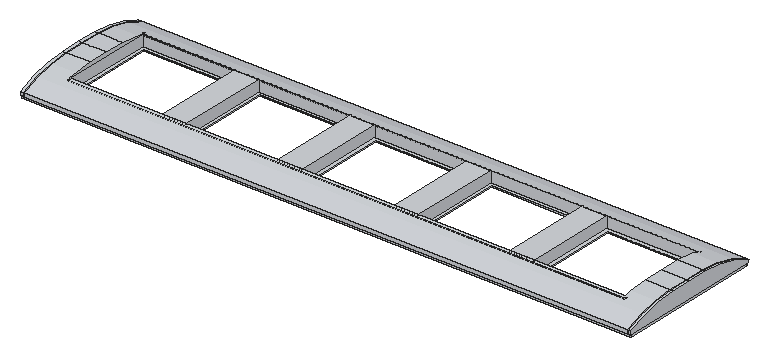
Revit family "Gira_021536", category Electrical Fixtures, host Face, Revit 2017
Family settings
  Host = Face
  Maintain Annotation Orientation = No
  Round Connector Dimension = Use Diameter
  Part Type = Normal
  Cut with Voids When Loaded = No
  Shared = No
  Room Calculation Point = No
Parameters (values of type "Abdeckrahmen 5f Zwischenr. F Alu Gira Event F Alu")
  Werkstoffgüte = "Thermoplast"
  Werkstoff = "Kunststoff"
  URL = "http://katalog.gira.de/de_DE/datenblatt.html?artikelnr=021536"
  Transparent = "No"
  Textfeld/Beschriftungsfläche = "No"
  Schutzart (IP) = "IP20"
  Region = "DE"
  Oberfläche = "sonstige"
  Name = "Abdeckrahmen 5f Zwischenr. F Alu Gira Event F Alu"
  Montagerichtung = "horizontal und vertikal"
  Mit Montagerahmen = "No"
  Mit Klappdeckel = "No"
  Manufacturer URL = "https://www.gira.de/"
  Keynote = "Event_Rahmen_5fach"
  HeinzeBIM = "https://bimportal.heinze.de/bim/abdeckrahmen-5f-zwischenr-f-alu-gira-event-f-alu/32ceb437bf78b999fdac2b5d43f27862d43426eb"
  Halogenfrei = "Yes"
  HAN = "021536"
  Geeignet für Unterputz-Installation = "Yes"
  Geeignet für Unterflurkanaldose = "No"
  Geeignet für Geräteeinbaukanal = "No"
  Geeignet für Einbauinstallation = "No"
  GTIN = "4010337215363"
  Farbe = "aluminium"
  Default Elevation = 1219.2 mm
  Data sheet (1) = "https://katalog.gira.de/de_DE/download.html?artikelnr=021536"
  Category = "Abdeckrahmen"
  Befestigungsart = "Klemmbefestigung"
  Available = "Yes"
  Anzahl der Einheiten vertikal = "5 "
  Anzahl der Einheiten horizontal = "5 "
  Anzahl der Einheiten = "5 "
Reference planes
  plane 1 "Center (Front/Back)": y = 0
  plane 2: z = 0
  plane 3 "Center (Left/Right)": x = 0
Forms (mm)
  Extrusion 1, solid, detail levels fine
    sketch origin (0, 0, 0.05) x (0, 1, 0) y (0, 0, 1)
      loop
        arc (12.445, 9.683) -> (6.223, 9.833) -> (0, 9.85) r 291.636
        arc (0, 9.85) -> (-6.223, 9.833) -> (-12.445, 9.683) r 291.636
        arc (-12.445, 9.683) -> (-29.14, 7.482) -> (-45, 1.823) r 79.728
        line (-45, 1.823) -> (-45, -0.05) -> (-42.086, -0.05)
        arc (-42.086, -0.05) -> (-21.385, 5.559) -> (0, 7.206) r 114.424
        arc (0, 7.206) -> (21.385, 5.559) -> (42.086, -0.05) r 114.424
        line (42.086, -0.05) -> (45, -0.05) -> (45, 1.823)
        arc (45, 1.823) -> (29.14, 7.482) -> (12.445, 9.683) r 79.728
    from -185.578 to 185.593
  Extrusion 2, void, detail levels fine
    sketch origin (0, 0, 0) x (1, 0, 0) y (0, 1, 0)
      loop
        line (170.607, 28) -> (-170.593, 28) -> (-170.593, -28) -> (170.607, -28) -> (170.607, 28)
    from 0.724 to 11
  Extrusion 3, solid, detail levels coarse
    sketch origin (0, 0, 0) x (1, 0, 0) y (0, 1, 0)
      loop
        line (-187.578, 45) -> (-187.578, -45) -> (187.593, -45) -> (187.593, 45) -> (-187.578, 45)
    from -1.5 to 9.9
  Extrusion 4, solid, detail levels medium
    sketch origin (0, 0, 0.05) x (0, 1, 0) y (0, 0, 1)
      loop
        arc (12.445, 9.683) -> (6.223, 9.833) -> (0, 9.85) r 291.636
        arc (0, 9.85) -> (-6.223, 9.833) -> (-12.445, 9.683) r 291.636
        arc (-12.445, 9.683) -> (-29.14, 7.482) -> (-45, 1.823) r 79.728
        line (-45, 1.823) -> (-45, -0.05) -> (45, -0.05) -> (45, 1.823)
        arc (45, 1.823) -> (29.14, 7.482) -> (12.445, 9.683) r 79.728
    from -187.578 to 187.593
  Extrusion 5, solid, detail levels fine
    sketch origin (-142.578, 0, -1.5) x (0, 1, 0) y (0, 0, -1)
      loop
        line (45, -3.373) -> (45, -1.5) -> (-45, -1.5) -> (-45, -3.373)
        arc (-45, -3.373) -> (-29.14, -9.032) -> (-12.445, -11.233) r 79.728
        arc (-12.445, -11.233) -> (-6.223, -11.383) -> (0, -11.4) r 291.636
        arc (0, -11.4) -> (6.223, -11.383) -> (12.445, -11.233) r 291.636
        arc (12.445, -11.233) -> (29.14, -9.032) -> (45, -3.373) r 79.728
    from 43 to 45
  Extrusion 6, solid, detail levels fine
    sketch origin (0, 0, 0) x (1, 0, 0) y (0, 1, 0)
      loop
        line (-168.493, 25.7) -> (-168.493, -25.7) -> (-116.693, -25.7) -> (-116.693, 25.7) -> (-168.493, 25.7)
      loop
        line (-45.398, -25.7) -> (-45.398, 25.7) -> (-97.198, 25.7) -> (-97.198, -25.7) -> (-45.398, -25.7)
      loop
        line (-171.487, 28.49) -> (-171.487, -28.495)
        spline (-171.487, -28.495) -> (-171.479, -28.625) -> (-171.453, -28.754) -> (-171.411, -28.878) -> (-171.353, -28.995) -> (-171.281, -29.104) -> (-171.194, -29.202) -> (-171.096, -29.288) -> (-170.987, -29.361) -> (-170.87, -29.419) -> (-170.746, -29.461) -> (-170.618, -29.486) -> (-170.487, -29.495)
        line (-170.487, -29.495) -> (170.502, -29.495)
        spline (170.502, -29.495) -> (170.633, -29.486) -> (170.761, -29.461) -> (170.885, -29.419) -> (171.002, -29.361) -> (171.111, -29.288) -> (171.209, -29.202) -> (171.296, -29.104) -> (171.368, -28.995) -> (171.426, -28.878) -> (171.468, -28.754) -> (171.494, -28.625) -> (171.502, -28.495)
        line (171.502, -28.495) -> (171.502, 28.49)
        spline (171.502, 28.49) -> (171.494, 28.62) -> (171.468, 28.748) -> (171.426, 28.872) -> (171.368, 28.99) -> (171.296, 29.098) -> (171.209, 29.197) -> (171.111, 29.283) -> (171.002, 29.356) -> (170.885, 29.413) -> (170.761, 29.456) -> (170.633, 29.481) -> (170.502, 29.49)
        line (170.502, 29.49) -> (-170.487, 29.49)
        spline (-170.487, 29.49) -> (-170.618, 29.481) -> (-170.746, 29.456) -> (-170.87, 29.413) -> (-170.987, 29.356) -> (-171.096, 29.283) -> (-171.194, 29.197) -> (-171.281, 29.098) -> (-171.353, 28.99) -> (-171.411, 28.872) -> (-171.453, 28.748) -> (-171.479, 28.62) -> (-171.487, 28.49)
      loop
        line (25.902, -25.7) -> (25.902, 25.7) -> (-25.898, 25.7) -> (-25.898, -25.7) -> (25.902, -25.7)
      loop
        line (97.207, -25.7) -> (97.207, 25.7) -> (45.407, 25.7) -> (45.407, -25.7) -> (97.207, -25.7)
      loop
        line (168.507, -25.7) -> (168.507, 25.7) -> (116.707, 25.7) -> (116.707, -25.7) -> (168.507, -25.7)
    from 0.1 to 7.3
  Extrusion 7, solid
    sketch origin (0, 0, 0) x (1, 0, 0) y (0, 1, 0)
      loop
        arc (-187.293, -44.218) -> (-187.146, -44.572) -> (-186.793, -44.718) r 0.5
        line (-186.793, -44.718) -> (186.807, -44.718)
        arc (186.807, -44.718) -> (187.161, -44.572) -> (187.307, -44.218) r 0.5
        line (187.307, -44.218) -> (187.307, 44.182)
        arc (187.307, 44.182) -> (187.161, 44.535) -> (186.807, 44.682) r 0.5
        line (186.807, 44.682) -> (-186.793, 44.682)
        arc (-186.793, 44.682) -> (-187.146, 44.535) -> (-187.293, 44.182) r 0.5
        line (-187.293, 44.182) -> (-187.293, -44.218)
      loop
        line (-185.593, 42.982) -> (-185.593, -43.018) -> (185.607, -43.018) -> (185.607, 42.982) -> (-185.593, 42.982)
    from -1.5 to 0.5
  Extrusion 8, solid, detail levels fine
    sketch origin (142.593, 0, -1.5) x (0, 1, 0) y (0, 0, 1)
      loop
        arc (45, 3.373) -> (29.14, 9.032) -> (12.445, 11.233) r 79.728
        arc (12.445, 11.233) -> (6.223, 11.383) -> (0, 11.4) r 291.636
        arc (0, 11.4) -> (-6.223, 11.383) -> (-12.445, 11.233) r 291.636
        arc (-12.445, 11.233) -> (-29.14, 9.032) -> (-45, 3.373) r 79.728
        line (-45, 3.373) -> (-45, 1.5) -> (45, 1.5) -> (45, 3.373)
    from 43 to 45
  Extrusion 9, solid, detail levels medium
    sketch origin (0, 0, 0) x (1, 0, 0) y (0, 1, 0)
      loop
        line (-187.293, -44.718) -> (187.307, -44.718) -> (187.307, 44.682) -> (-187.293, 44.682) -> (-187.293, -44.718)
    from -1.5 to 0.5
  Extrusion 10, solid, detail levels fine
    sketch origin (-105.5, 0, 0) x (1, 0, 0) y (0, 1, 0)
      loop
        line (-8.943, 28.063) -> (-8.943, -27.937) -> (6.057, -27.937) -> (6.057, 28.063) -> (-8.943, 28.063)
    from 0.724 to 7.566
  Extrusion 11, solid, detail levels fine
    sketch origin (-37.085, 0, 0) x (-1, 0, 0) y (0, -1, 0)
      loop
        line (-8.943, -28.063) -> (6.057, -28.063) -> (6.057, 27.937) -> (-8.943, 27.937) -> (-8.943, -28.063)
    from 0.724 to 7.566
  Extrusion 12, solid, detail levels fine
    sketch origin (105.5, 0, 0) x (-1, 0, 0) y (0, -1, 0)
      loop
        line (-8.943, -28.063) -> (6.057, -28.063) -> (6.057, 27.937) -> (-8.943, 27.937) -> (-8.943, -28.063)
    from 0.724 to 7.566
  Extrusion 13, solid, detail levels fine
    sketch origin (37.085, 0, 0) x (1, 0, 0) y (0, 1, 0)
      loop
        line (-8.943, 28.063) -> (-8.943, -27.937) -> (6.057, -27.937) -> (6.057, 28.063) -> (-8.943, 28.063)
    from 0.724 to 7.566
Cuts and joins
  Extrusion 2 cuts Extrusion 1
  Extrusion 2 cuts Extrusion 6
Dimensions and locks
  aligned and locked: plane 2 to host face
  aligned and locked: level to host face
